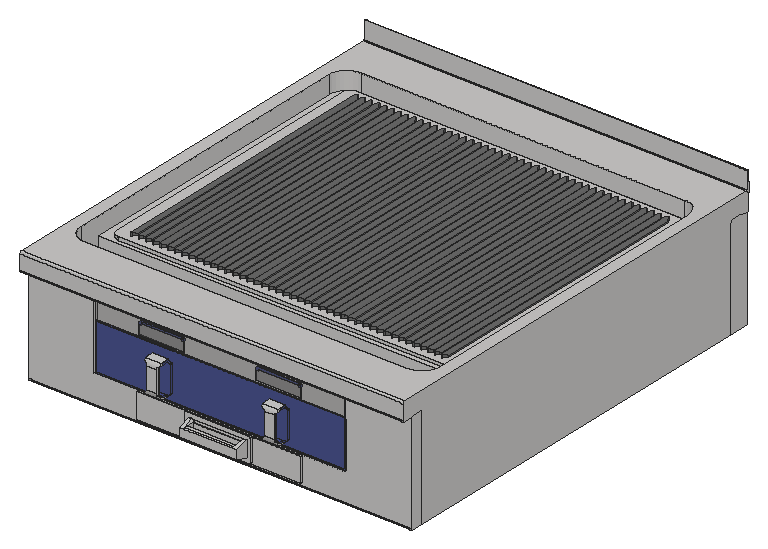
Revit family "QF_ELECTROLUXPROFESSIONAL_589099_MCHNABHOAO", category Specialty Equipment, Revit 2018
Family settings
  Round Connector Dimension = Use Diameter
  Part Type = Normal
  Work Plane-Based = No
  Always vertical = Yes
  Cut with Voids When Loaded = No
  Shared = No
  Room Calculation Point = No
Parameters
  Weight in Pounds = 264.6
  Watts = 15300 VA  # 15300 W
  Volts = 400 V  # constant formula
  URL Cutsheet = ""
  Type Mark [instance] = ""
  Status [instance] = ""
  Specification by User [instance] = ""
  Specification by Manufacturer = ""
  Show Clearance [instance] = yes
  Serial Number = ""
  Seismic Rating = ""
  SMACNA No = ""
  Revision Code [instance] = ""
  Phase = 3  # constant formula
  Omniclass Number and Title = ""
  Number of Poles [instance] = 1
  NAFEM Spec ID Number = ""
  Model = "589099"
  Min Ckt Ampacity = 0 A
  Max Overcurrent Protection = 0 A
  Masterspec = ""
  Manufacturer = "ELECTROLUX"
  Item Number [instance] = ""
  Installed By [instance] = ""
  Identify Quantity as Lot [instance] = yes
  HP = "20.5 HP"
  Furnished By [instance] = ""
  Foodservice Equipment Identifier [instance] = yes
  FL Amps [instance] = if(Phase = 3, Watts / (Volts * 1.73), Watts / Volts)  # 22.1098 A
  Electrical Remarks = "400 V/3N ph/50/60 Hz"  # constant formula
  Electric Connection Type [instance] = ""
  Elec Conn RI Height [instance] = 0 mm
  Elec Conn Connection Height [instance] = 0 mm
  Direct Waste Size = 0"
  Description = "EL.FRYTOP,RIBBED PL,1S,BSPL,800X900X250"
  Cycle [instance] = if([60 Hertz Option], 60 Hz, 50 Hz)  # 60 Hz
  Conn Plug = ""
  Conn Conduit = yes
  CSI MasterFormat = ""
  CSI Master Format = ""
  Apparent Power [instance] = if(Phase = 3, Volts * FL Amps * 1.73, Volts * FL Amps)  # 15300 VA
  60 Hertz Option [instance] = not([50 Hertz Option])  # yes
  50 Hertz Option [instance] = no
Reference planes
  plane 1 "BACK": y = 0
  plane 2: z = 0
  plane 3 "LEFT": x = 0
  plane 4 "RIGHT": x = 800
  plane 5 "FRONT": y = -900
  plane 6 "TOP": z = 250
  plane 7: x = 400
  plane 8: y = -450
  plane 9: y = -1330
Forms (mm)
  Extrusion 1, solid, material "QF_Finishes_Stainless Steel"
    sketch origin (0, -487.128, 0) x (0, 1, 0) y (0, 0, 1)
      loop
        line (483.128, 250) -> (-408.872, 250)
        arc (-408.872, 250) -> (-411.7, 248.828) -> (-412.872, 246) r 4
        line (-412.872, 246) -> (-412.872, 214)
        arc (-412.872, 214) -> (-411.443, 210.936) -> (-408.177, 210.061) r 4
        line (-408.177, 210.061) -> (-391.509, 213) -> (-366.872, 213) -> (-366.872, 0) -> (441.128, 0) -> (441.128, 213) -> (465.765, 213) -> (482.433, 210.061)
        arc (482.433, 210.061) -> (485.699, 210.936) -> (487.128, 214) r 4
        line (487.128, 214) -> (487.128, 246)
        arc (487.128, 246) -> (485.956, 248.828) -> (483.128, 250) r 4
    from 0 to 800
  Extrusion 2, void
    sketch origin (653.786, 44.048, 250) x (1, 0, 0) y (0, -1, 0)
      loop
        line (-590.636, 133.048) -> (83.064, 133.048)
        arc (83.064, 133.048) -> (110.04, 144.222) -> (121.214, 171.198) r 38.15
        line (121.214, 171.198) -> (121.214, 816.572)
        arc (121.214, 816.572) -> (109.944, 843.779) -> (82.737, 855.048) r 38.476
        line (82.737, 855.048) -> (-591.786, 855.048)
        arc (-591.786, 855.048) -> (-617.949, 844.211) -> (-628.786, 818.048) r 37
        line (-628.786, 818.048) -> (-628.786, 171.198)
        arc (-628.786, 171.198) -> (-617.613, 144.222) -> (-590.636, 133.048) r 38.15
    from 0 to 37
  Extrusion 3, void
    sketch origin (1307.573, 92.096, 213) x (0, 1, 0) y (1, 0, 0)
      loop
        line (-821.846, -532.573) -> (-864.62, -532.573)
        arc (-864.62, -532.573) -> (-891.827, -543.842) -> (-903.096, -571.049) r 38.476
        line (-903.096, -571.049) -> (-903.096, -1245.573)
        arc (-903.096, -1245.573) -> (-892.259, -1271.736) -> (-866.096, -1282.573) r 37
        line (-866.096, -1282.573) -> (-821.846, -1282.573) -> (-821.846, -532.573)
    from 0 to 25.6
  Extrusion 4, void
    sketch origin (1612.573, 92.096, 187.4) x (-1, 0, 0) y (0, 1, 0)
      loop
        circle (1212.573, -862.096) r 22.248
    from 0 to 92
  Extrusion 5, solid, material "QF_Finishes_Stainless Steel"
    sketch origin (0, -854, 0) x (1, 0, 0) y (0, -1, 0)
      loop
        circle (755, -169) r 6.35
    from 0 to 3.2
  Extrusion 6, solid, material "QF_Door-Drawer Clearances", visible <- "Show Clearance", detail levels coarse
    sketch origin (437.203, -881.593, 8.62) x (0, 0, 1) y (-1, 0, 0)
      loop
        line (1.973, -134.295) -> (49.317, -134.295)
        arc (49.317, -134.295) -> (50.776, -133.691) -> (51.38, -132.232) r 2.063
        line (51.38, -132.232) -> (51.38, 206.852)
        arc (51.38, 206.852) -> (50.88, 208.549) -> (49.541, 209.705) r 3.133
        line (49.541, 209.705) -> (3.067, 209.705)
        arc (3.067, 209.705) -> (0.898, 208.807) -> (0, 206.638) r 3.067
        line (0, 206.638) -> (0, -132.322)
        arc (0, -132.322) -> (0.578, -133.717) -> (1.973, -134.295) r 1.973
    from 0 to 448.407
  Extrusion 7, solid, material "QF_Finishes_Stainless Steel"
    sketch origin (0, 0, 0) x (0, 1, 0) y (0, 0, 1)
      loop
        line (-2.951, 2) -> (-2.951, 210.133)
        arc (-2.951, 210.133) -> (-3.795, 210.009) -> (-4.646, 210.066) r 4
        line (-4.646, 210.066) -> (-21.287, 213) -> (-45, 213) -> (-45, 0) -> (-4.951, 0)
        arc (-4.951, 0) -> (-3.537, 0.586) -> (-2.951, 2) r 2
      loop
        arc (-1.951, 252.006) -> (-2.537, 250.592) -> (-3.951, 250.006) r 2
        arc (-3.951, 250.006) -> (-1.172, 248.828) -> (0, 246) r 4
        line (0, 246) -> (0, 288.006) -> (-1.951, 288.006) -> (-1.951, 252.006)
    from 800 to 0
Cuts and joins
  Extrusion 2, Extrusion 3, Extrusion 4 cuts Extrusion 1
Lines and regions (mm)
  symbolic lines
    curve 1: line (261.519, -902.326, 0) -> (261.519, -900, 0)
    curve 2: spline (267.188, -903.73, 0) -> (266.709, -903.657, 0) -> (266.231, -903.575, 0) -> (265.754, -903.486, 0) -> (265.278, -903.389, 0) -> (264.804, -903.283, 0) -> (264.33, -903.17, 0) -> (263.858, -903.049, 0) -> (263.387, -902.92, 0) -> (262.918, -902.783, 0) -> (262.45, -902.638, 0) -> (261.984, -902.486, 0) -> (261.519, -902.326, 0)
    curve 3: line (293.735, -902.326, 0) -> (293.735, -900, 0)
    curve 4: spline (293.735, -902.326, 0) -> (293.27, -902.486, 0) -> (292.804, -902.638, 0) -> (292.337, -902.783, 0) -> (291.867, -902.92, 0) -> (291.396, -903.049, 0) -> (290.924, -903.17, 0) -> (290.451, -903.283, 0) -> (289.976, -903.389, 0) -> (289.5, -903.486, 0) -> (289.023, -903.575, 0) -> (288.545, -903.657, 0) -> (288.066, -903.73, 0)
    curve 5: line (267.188, -903.73, 0) -> (288.066, -903.73, 0)
    curve 6: line (538.481, -902.326, 0) -> (538.481, -900, 0)
    curve 7: spline (532.812, -903.73, 0) -> (533.291, -903.657, 0) -> (533.769, -903.575, 0) -> (534.246, -903.486, 0) -> (534.722, -903.389, 0) -> (535.196, -903.283, 0) -> (535.67, -903.17, 0) -> (536.142, -903.049, 0) -> (536.613, -902.92, 0) -> (537.082, -902.783, 0) -> (537.55, -902.638, 0) -> (538.016, -902.486, 0) -> (538.481, -902.326, 0)
    curve 8: line (506.265, -902.326, 0) -> (506.265, -900, 0)
    curve 9: spline (506.265, -902.326, 0) -> (506.73, -902.486, 0) -> (507.196, -902.638, 0) -> (507.663, -902.783, 0) -> (508.133, -902.92, 0) -> (508.604, -903.049, 0) -> (509.076, -903.17, 0) -> (509.549, -903.283, 0) -> (510.024, -903.389, 0) -> (510.5, -903.486, 0) -> (510.977, -903.575, 0) -> (511.455, -903.657, 0) -> (511.934, -903.73, 0)
    curve 10: line (532.812, -903.73, 0) -> (511.934, -903.73, 0)
    curve 11: line (25, -774, 0) -> (25, -127.15, 0)
    curve 12: arc (25, -127.15, 0) -> (36.174, -100.174, 0) -> (63.15, -89, 0) r 38.15
    curve 13: line (63.15, -89, 0) -> (736.85, -89, 0)
    curve 14: arc (736.85, -89, 0) -> (763.826, -100.174, 0) -> (775, -127.15, 0) r 38.15
    curve 15: line (775, -127.15, 0) -> (775, -772.524, 0)
    curve 16: arc (775, -772.524, 0) -> (763.731, -799.731, 0) -> (736.524, -811, 0) r 38.476
    curve 17: line (736.524, -811, 0) -> (62, -811, 0)
    curve 18: arc (62, -811, 0) -> (35.837, -800.163, 0) -> (25, -774, 0) r 37
    curve 19: line (775, -729.75, 0) -> (25, -729.75, 0)
    curve 20: circle (400, -770, 0) r 22.248 normal (0, 0, -1)
    curve 21: line (0, 0, 0) -> (800, 0, 0)
    curve 22: line (0, -900, 0) -> (0, 0, 0)
    curve 23: line (800, -900, 0) -> (0, -900, 0)
    curve 24: line (800, 0, 0) -> (800, -900, 0)
    curve 25: line (347.608, -908.767, 0) -> (450.042, -908.767, 0)
    curve 26: line (450.042, -908.767, 0) -> (451.588, -900, 0)
    curve 27: line (347.608, -908.767, 0) -> (346.062, -900, 0)
  symbolic lines, style "QF_Door-Drawer Clearances"
    curve 28: line (227.498, -1330, 0) -> (227.498, -900, 0)
    curve 29: line (227.498, -1330, 0) -> (571.498, -1330, 0)
    curve 30: line (571.498, -1330, 0) -> (571.498, -900, 0)
Dimensions and locks
  plane 3 "LEFT" to plane 4 "RIGHT" = 800 mm
  plane 5 "FRONT" to plane 1 "BACK" = 900 mm
  equal spacing: plane 3 "LEFT", plane 7, plane 4 "RIGHT"
  equal spacing: plane 5 "FRONT", plane 8, plane 1 "BACK"
  plane 6 "TOP" to level = 250 mm  (x2)
  plane 1 "BACK" to plane 5 "FRONT" = 900 mm
  Extrusion 5 sketch curve to plane 1 "BACK" = 685 mm
  Extrusion 5 sketch curve to plane 4 "RIGHT" = 45 mm
  plane 5 "FRONT" to plane 9 = 430 mm
  Extrusion 7 to plane 6 "TOP" = 38.006 mm
  Extrusion 7 to level = 288.006 mm
  aligned and locked: level to plane 2
  aligned and locked: Extrusion 6 to plane 9
  aligned and locked: cut or joined group of Extrusion 1, Extrusion 2, Extrusion 3, Extrusion 4 to plane 4 "RIGHT"
  aligned and locked: plane 7 to nested 1
  aligned and locked: Extrusion 7 to plane 4 "RIGHT"
Automatic sketch dimensions
  Extrusion 1 to Extrusion 2 sketch curve = 85 mm  (x2)
  Extrusion 1 to Extrusion 2 sketch curve = 122 mm
  Extrusion 1 to Extrusion 2 sketch curve = 25 mm
  Extrusion 2 sketch curve to Extrusion 2 sketch curve = 38.15 mm  (x2)
  Extrusion 1 to Extrusion 2 sketch curve = 123.476 mm
  Extrusion 2 sketch curve to Extrusion 2 sketch curve = 674.524 mm
  Extrusion 1 sketch curve to plane 5 "FRONT" = 0 mm
  Extrusion 1 sketch curve to plane 6 "TOP" = 0 mm
  Extrusion 1 sketch curve to level = 0 mm
  Extrusion 1 sketch curve to plane 1 "BACK" = 0 mm
  Extrusion 1 sketch curve to plane 6 "TOP" = 37 mm  (x2)
  Extrusion 1 sketch curve to plane 5 "FRONT" = 4 mm
  Extrusion 1 sketch curve to plane 5 "FRONT" = 21.363 mm
  Extrusion 1 sketch curve to plane 5 "FRONT" = 46 mm
  plane 1 "BACK" to Extrusion 1 sketch curve = 21.363 mm
  plane 1 "BACK" to Extrusion 1 sketch curve = 4 mm  (x2)
  Extrusion 1 sketch curve to Extrusion 1 sketch curve = 4 mm
  Extrusion 1 sketch curve to Extrusion 1 sketch curve = 0.695 mm
  Extrusion 1 sketch curve to Extrusion 1 sketch curve = 0 mm  (x4)
  plane 1 "BACK" to Extrusion 1 sketch curve = 4.695 mm
  Extrusion 1 sketch curve to Extrusion 1 sketch curve = 1 mm  (x2)
  plane 1 "BACK" to Extrusion 1 sketch curve = 46 mm
  Extrusion 3 sketch curve to Extrusion 2 = 81.25 mm
  Extrusion 2 to Extrusion 3 sketch curve = 0 mm  (x2)
  Extrusion 3 sketch curve to Extrusion 3 sketch curve = 37 mm
  Extrusion 3 sketch curve to Extrusion 3 sketch curve = 674.524 mm
  Extrusion 3 sketch curve to Extrusion 2 = 38.476 mm
  Extrusion 4 sketch curve to Extrusion 3 = 41 mm
  Extrusion 4 sketch curve to Extrusion 3 = 375 mm
  plane 1 "BACK" to curve 21 = 0 mm
  curve 21 to plane 4 "RIGHT" = 0 mm
  curve 28 to plane 9 = 0 mm
  curve 22 to plane 3 "LEFT" = 0 mm
  plane 5 "FRONT" to curve 30 = 0 mm
  plane 4 "RIGHT" to curve 15 = 25 mm
  curve 15 to curve 13 = 38.15 mm
  curve 16 to curve 17 = 38.476 mm
  plane 5 "FRONT" to curve 6 = 2.326 mm
  plane 7 to curve 6 = 138.481 mm
  plane 5 "FRONT" to curve 10 = 3.73 mm
  curve 7 to curve 10 = 5.669 mm
  plane 5 "FRONT" to curve 26 = 8.767 mm
  curve 7 to curve 26 = 82.77 mm
  curve 10 to curve 25 = 61.891 mm
  plane 5 "FRONT" to curve 8 = 2.326 mm
  curve 10 to curve 8 = 5.669 mm
  plane 5 "FRONT" to curve 3 = 2.326 mm
  curve 3 to plane 7 = 106.265 mm
  plane 5 "FRONT" to curve 5 = 3.73 mm
  curve 3 to curve 5 = 5.669 mm
  curve 27 to curve 5 = 59.542 mm
  curve 25 to curve 5 = 80.42 mm
  plane 5 "FRONT" to curve 1 = 2.326 mm
  curve 2 to curve 1 = 5.669 mm
  plane 3 "LEFT" to curve 13 = 63.15 mm
  plane 3 "LEFT" to curve 17 = 62 mm
  plane 3 "LEFT" to curve 28 = 227.498 mm
  plane 3 "LEFT" to curve 11 = 25 mm
  plane 4 "RIGHT" to curve 30 = 228.502 mm
  curve 6 to curve 7 = 9.839 mm
  curve 7 to curve 9 = 12.538 mm
  curve 9 to curve 26 = 64.516 mm
  plane 5 "FRONT" to curve 4 = 4.032 mm
  curve 5 to curve 4 = 4.17 mm
  curve 27 to curve 4 = 62.166 mm
  curve 4 to curve 2 = 12.538 mm
  curve 20 to curve 18 = 338 mm
  plane 1 "BACK" to curve 13 = 89 mm
  curve 15 to plane 5 "FRONT" = 127.476 mm
  curve 19 to curve 18 = 44.25 mm
  curve 20 to curve 18 = 4 mm
  curve 7 to plane 5 "FRONT" = 39.101 mm
  curve 9 to curve 7 = 0 mm
  curve 2 to curve 4 = 0 mm
  level to Extrusion 6 sketch curve = 8.62 mm
  level to Extrusion 6 sketch curve = 57.937 mm
  plane 7 to Extrusion 6 sketch curve = 171.498 mm
  Extrusion 6 sketch curve to Extrusion 6 sketch curve = 1.973 mm
  Extrusion 6 sketch curve to Extrusion 6 sketch curve = 3.067 mm
  Extrusion 6 sketch curve to Extrusion 6 sketch curve = 46.474 mm
  Extrusion 6 sketch curve to Extrusion 6 sketch curve = 2.063 mm
  Extrusion 6 sketch curve to Extrusion 6 sketch curve = 3.133 mm
  Extrusion 6 sketch curve to plane 7 = 169.435 mm
  Extrusion 7 sketch curve to level = 0 mm
  Extrusion 7 sketch curve to plane 1 "BACK" = 0 mm  (x2)
  level to Extrusion 7 sketch curve = 2 mm
  Extrusion 7 sketch curve to plane 6 "TOP" = 0 mm
  plane 1 "BACK" to Extrusion 7 sketch curve = 1.951 mm
  plane 1 "BACK" to Extrusion 7 sketch curve = 2.951 mm
  Extrusion 7 sketch curve to Extrusion 7 sketch curve = 18.335 mm
  Extrusion 7 sketch curve to Extrusion 7 sketch curve = 40.049 mm
  Extrusion 7 sketch curve to Extrusion 7 sketch curve = 1.695 mm
  Extrusion 7 sketch curve to Extrusion 7 sketch curve = 0 mm  (x3)
  plane 1 "BACK" to Extrusion 7 sketch curve = 4 mm
  plane 1 "BACK" to Extrusion 7 sketch curve = 3.951 mm
  Extrusion 7 sketch curve to Extrusion 7 sketch curve = 2 mm
  Extrusion 7 sketch curve to Extrusion 7 sketch curve = 35.867 mm
  Extrusion 7 sketch curve to plane 6 "TOP" = 37 mm
  plane 6 "TOP" to Extrusion 7 sketch curve = 2.006 mm
  Extrusion 7 sketch curve to Extrusion 7 sketch curve = 36 mm
  Extrusion 7 sketch curve to Extrusion 7 sketch curve = 0.066 mm
  radius of Extrusion 4 sketch curve = 22.248 mm
  radius of Extrusion 5 sketch curve = 6.35 mm
  radius of curve 20 = 22.248 mm
Nested families
  nested 1: "EG_900_800 Front Panel with Center Grease Trap" at (402.376, -854, -650), type "EG_900_800 Front Panel with Center Grease Trap"
    with Width 800 mm
  nested 2: "EG_900_800 mm Full Grate" at (400, -409.375, -675), type "EG_900_800 mm Full Grate"
Connectors
  electrical at (755, -685, -3.2), driven by "Volts", driven by "Watts"
    settings: on Extrusion 5, index 1, voltage 400 V, apparent load 15300 VA, apparent load phase1 0 VA, apparent load phase2 0 VA, apparent load phase3 0 VA, power factor 1, load classification "Other", number of poles 1, system type 30, power factor state 1, is connector primary yes, connector utility no, sub classification motor no, connector description "ELECTRICAL CONNECTION"
Definition of nested family "EG_900_800 Front Panel with Center Grease Trap"
  Parameters
    Width [instance] = 800 mm
  Reference planes
    plane 1 "Center (Front/Back)": y = 0
    plane 2: z = 0
    plane 3 "Center (Left/Right)": x = -2.376
    plane 4: x = -402.376
    plane 5: x = 397.624
  Forms (mm)
    Extrusion 1, solid
      sketch origin (833.217, 829.203, -1.25) x (0, 1, 0) y (0, 0, 1)
        loop
          arc (-854.203, 654.25) -> (-853.324, 652.129) -> (-851.203, 651.25) r 3
          line (-851.203, 651.25) -> (-829.203, 651.25) -> (-829.203, 864.25) -> (-854.203, 864.25) -> (-854.203, 654.25)
      from -1235.593 to -435.593
    Extrusion 2, void
      sketch origin (33.217, 829.203, -1.25) x (1, 0, 0) y (0, 0, 1)
        loop
          line (-298.093, 855.116) -> (-298.093, 713.116) -> (226.907, 713.116) -> (226.907, 855.116) -> (-298.093, 855.116)
      from 848.59 to 854.203
  Cuts and joins
    Extrusion 2 cuts Extrusion 1
  Dimensions and locks
    equal spacing: plane 5, plane 3 "Center (Left/Right)", plane 4
    "Width": plane 5 to plane 4
    aligned and locked: cut or joined group of Extrusion 1, Extrusion 2 to plane 4
    aligned and locked: plane 5 to cut or joined group of Extrusion 1, Extrusion 2
    aligned and locked: plane 3 "Center (Left/Right)" to nested 2
    aligned and locked: cut or joined group of Extrusion 1, Extrusion 2 to nested 2
  Automatic sketch dimensions
    Extrusion 1 sketch curve to plane 1 "Center (Front/Back)" = 0 mm
    plane 1 "Center (Front/Back)" to Extrusion 1 sketch curve = 22 mm
    Extrusion 1 sketch curve to Extrusion 1 sketch curve = 3 mm
    level to Extrusion 1 sketch curve = 650 mm
    Extrusion 1 sketch curve to Extrusion 1 sketch curve = 210 mm
    plane 4 to Extrusion 2 sketch curve = 137.5 mm
    Extrusion 2 sketch curve to plane 5 = 137.5 mm
    level to Extrusion 2 sketch curve = 711.866 mm
    Extrusion 2 sketch curve to Extrusion 2 sketch curve = 142 mm
  Nested families
    nested 1: "Range Control Handle" at (-124.522, -28.137, -209.113) x (-1, 0, 0) z (0, 0, 1), type "Range Control Handle"
    nested 2: "800 Panel - Glass conrol panel" at (-30.376, 280.644, 2.752), type "800 Panel - Glass conrol panel"
      with Width 525 mm
    nested 3: "800 Panel - Grease trap door" at (65.223, -25, 0.608) x (-1, 0, 0) z (0, 0, 1), type "800 Panel - Grease trap door"
    nested 4: "Range Control Handle" at (119.771, -28.137, -209.113), type "Range Control Handle"
  Definition of nested family "Range Control Handle"
    Reference planes
      plane 1 "Center (Front/Back)": y = 0
      plane 2: z = 0
      plane 3 "Center (Left/Right)": x = 0
      plane 4: z = 971.092
    Forms (mm)
      Extrusion 1, solid
        sketch origin (-746.28, 380.497, 208.931) x (-1, 0, 0) y (0, 0, 1)
          loop
            line (-770.101, 786.798) -> (-770.101, 731.649)
            arc (-770.101, 731.649) -> (-769.759, 730.563) -> (-768.855, 729.87) r 1.893
            line (-768.855, 729.87) -> (-763.474, 727.911) -> (-729.81, 727.911) -> (-724.428, 729.87)
            arc (-724.428, 729.87) -> (-723.525, 730.563) -> (-723.183, 731.649) r 1.893
            line (-723.183, 731.649) -> (-723.183, 786.798)
            arc (-723.183, 786.798) -> (-723.529, 787.894) -> (-724.44, 788.593) r 1.91
            line (-724.44, 788.593) -> (-729.683, 790.819) -> (-763.601, 790.819) -> (-768.844, 788.593)
            arc (-768.844, 788.593) -> (-769.755, 787.894) -> (-770.101, 786.798) r 1.91
        from -382.35 to -378.852
      Sweep 2, solid
        path origin (-746.788, 380.496, 208.091) x (0, -1, 0) y (0, 0, 1)
          loop
            line (379.775, 793.281) -> (395.661, 791.048)
            arc (395.661, 791.048) -> (397.781, 787.377) -> (398.517, 783.202) r 12.207
            line (398.517, 783.202) -> (398.517, 737.368)
            arc (398.517, 737.368) -> (397.781, 733.193) -> (395.661, 729.522) r 12.207
            line (395.661, 729.522) -> (379.775, 727.289)
        profile origin (-746.788, -7.222, 1000.256) x (0, -0.139173, 0.990268) y (-1, 0, 0)
          loop
            line (0.782, -763.123) -> (0.782, -730.907) -> (-1.322, -730.907) -> (-1.322, -763.123) -> (0.782, -763.123)
      Sweep 3, solid
        path origin (-746.788, 380.715, 207.832) x (0, -1, 0) y (0, 0, 1)
          loop
            line (380.478, 795.442) -> (397.218, 793.09)
            arc (397.218, 793.09) -> (399.929, 788.473) -> (400.871, 783.202) r 15.207
            line (400.871, 783.202) -> (400.871, 737.584)
            arc (400.871, 737.584) -> (399.914, 732.274) -> (397.164, 727.633) r 15.207
            line (397.164, 727.633) -> (380.601, 725.305)
        profile origin (-746.788, -8.132, 1002.099) x (0, -0.139173, 0.990268) y (-1, 0, 0)
          loop
            line (0.782, -763.123) -> (0.782, -730.907) -> (-1.322, -730.907) -> (-1.322, -763.123) -> (0.782, -763.123)
      Extrusion 4, void
        sketch origin (889.253, 220.666, 207.993) x (1, 0, 0) y (0, 0, 1)
          loop
            line (-943.038, 816.854) -> (-943.038, 703.686) -> (-899.466, 734.196) -> (-899.466, 786.344) -> (-943.038, 816.854)
        from 230.636 to 242.25
      Extrusion 5, void
        sketch origin (-888.8, 220.666, 207.993) x (-1, 0, 0) y (0, 0, -1)
          loop
            line (-943.038, -816.854) -> (-899.466, -786.344) -> (-899.466, -734.196) -> (-943.038, -703.686) -> (-943.038, -816.854)
        from 230.636 to 242.25
      Extrusion 6, solid
        sketch origin (0, 0, 0) x (1, 0, 0) y (0, 0, 1)
          loop
            circle (0, 971.092) r 7.736
        from -3.137 to -1.645
    Cuts and joins
      Extrusion 4, Extrusion 5 cuts Sweep 3
      Extrusion 4, Extrusion 5 cuts Sweep 2
      joined: Extrusion 1, Extrusion 6
    Lines and regions (mm)
      symbolic lines
        curve 1: line (23.821, 1.645, 0) -> (-23.097, 1.645, 0)
        curve 2: line (16.334, -1.853, 0) -> (23.821, -1.853, 0)
        curve 3: line (-15.881, -19.189, 0) -> (-15.881, -1.853, 0)
        curve 4: line (-23.097, -1.853, 0) -> (-15.881, -1.853, 0)
        curve 5: line (16.334, -19.189, 0) -> (16.334, -1.853, 0)
        curve 6: spline (-15.881, -19.189, 0) -> (-15.417, -19.349, 0) -> (-14.951, -19.501, 0) -> (-14.483, -19.646, 0) -> (-14.014, -19.783, 0) -> (-13.543, -19.912, 0) -> (-13.071, -20.033, 0) -> (-12.597, -20.146, 0) -> (-12.122, -20.251, 0) -> (-11.646, -20.349, 0) -> (-11.169, -20.438, 0) -> (-10.691, -20.52, 0) -> (-10.213, -20.593, 0)
        curve 7: spline (10.666, -20.593, 0) -> (11.144, -20.52, 0) -> (11.622, -20.438, 0) -> (12.099, -20.349, 0) -> (12.575, -20.251, 0) -> (13.05, -20.146, 0) -> (13.524, -20.033, 0) -> (13.996, -19.912, 0) -> (14.467, -19.783, 0) -> (14.936, -19.646, 0) -> (15.404, -19.501, 0) -> (15.87, -19.349, 0) -> (16.334, -19.189, 0)
        curve 8: line (-10.213, -20.938, 0) -> (10.716, -20.938, 0)
        curve 9: line (-23.097, 1.645, 0) -> (-23.097, -1.853, 0)
        curve 10: line (23.821, 1.645, 0) -> (23.821, -1.853, 0)
  Definition of nested family "800 Panel - Glass conrol panel"
    Parameters
      Width [instance] = 525 mm
    Reference planes
      plane 1 "Center (Front/Back)": y = 0
      plane 2: z = 0
      plane 3 "Center (Left/Right)": x = 28
      plane 4: x = -234.5
      plane 5: x = 290.5
    Forms (mm)
      Extrusion 1, solid
        sketch origin (378.286, 0, 0.617) x (1, 0, 0) y (0, 0, 1)
          loop
            line (-612.786, 806.791) -> (-612.786, 708.497) -> (-87.786, 708.497) -> (-87.786, 806.791) -> (-612.786, 806.791)
        from 300.031 to 304.8
      Extrusion 2, solid
        sketch origin (378.286, 0, 0.617) x (1, 0, 0) y (0, 0, 1)
          loop
            line (-612.786, 850.497) -> (-612.786, 806.791) -> (-87.786, 806.791) -> (-87.786, 850.497) -> (-612.786, 850.497)
        from 300.031 to 304.8
      Extrusion 3, void
        sketch origin (378.286, 0, 0.617) x (1, 0, 0) y (0, 0, 1)
          loop
            line (-610.128, 847.565) -> (-610.128, 710.699) -> (-90.696, 710.699) -> (-90.696, 847.565) -> (-610.128, 847.565)
        from 303.697 to 304.8
      Extrusion 4, solid
        sketch origin (-430.455, 1.101, -0.633) x (-1, 0, 0) y (0, 0, -1)
          loop
            line (-289.431, -812.62) -> (-383.186, -812.62) -> (-383.186, -834.177) -> (-378.269, -834.177) -> (-376.469, -835.977) -> (-296.039, -835.977) -> (-294.24, -834.177) -> (-289.431, -834.177) -> (-289.431, -812.62)
        from 304.798 to 306.745
      Extrusion 5, solid
        sketch origin (-430.455, 1.101, -0.633) x (-1, 0, 0) y (0, 0, -1)
          loop
            line (-378.269, -834.177) -> (-383.078, -834.177)
            arc (-383.078, -834.177) -> (-381.942, -838.747) -> (-377.686, -840.763) r 5.5
            line (-377.686, -840.763) -> (-294.98, -840.763)
            arc (-294.98, -840.763) -> (-290.706, -838.752) -> (-289.529, -834.177) r 5.549
            line (-289.529, -834.177) -> (-294.24, -834.177) -> (-296.039, -835.977) -> (-376.469, -835.977) -> (-378.269, -834.177)
        from 304.798 to 306.745
      Extrusion 6, solid
        sketch origin (486.455, 1.101, -0.633) x (1, 0, 0) y (0, 0, 1)
          loop
            line (-289.431, 812.62) -> (-289.431, 834.177) -> (-294.24, 834.177) -> (-296.039, 835.977) -> (-376.469, 835.977) -> (-378.269, 834.177) -> (-383.186, 834.177) -> (-383.186, 812.62) -> (-289.431, 812.62)
        from 304.798 to 306.745
      Extrusion 7, solid
        sketch origin (486.455, 1.101, -0.633) x (1, 0, 0) y (0, 0, 1)
          loop
            line (-378.269, 834.177) -> (-376.469, 835.977) -> (-296.039, 835.977) -> (-294.24, 834.177) -> (-289.529, 834.177)
            arc (-289.529, 834.177) -> (-290.706, 838.752) -> (-294.98, 840.763) r 5.549
            line (-294.98, 840.763) -> (-377.686, 840.763)
            arc (-377.686, 840.763) -> (-381.942, 838.747) -> (-383.078, 834.177) r 5.5
            line (-383.078, 834.177) -> (-378.269, 834.177)
        from 304.798 to 306.745
    Cuts and joins
      Extrusion 3 cuts Extrusion 1
      Extrusion 3 cuts Extrusion 2
    Dimensions and locks
      "Width": plane 5 to plane 4
      equal spacing: plane 5, plane 3 "Center (Left/Right)", plane 4
      aligned and locked: Extrusion 1 to Extrusion 2
      aligned and locked: Extrusion 5 to Extrusion 4
      aligned and locked: plane 5 to cut or joined group of Extrusion 1, Extrusion 3
      aligned and locked: plane 5 to cut or joined group of Extrusion 2, Extrusion 3
      aligned and locked: cut or joined group of Extrusion 1, Extrusion 3 to plane 4
      aligned and locked: cut or joined group of Extrusion 2, Extrusion 3 to plane 4
      aligned and locked: Extrusion 7 to Extrusion 6
    Automatic sketch dimensions
      Extrusion 1 sketch curve to plane 4 = 0 mm
      Extrusion 1 sketch curve to plane 5 = 0 mm
      level to Extrusion 1 sketch curve = 709.114 mm
      Extrusion 1 sketch curve to Extrusion 1 sketch curve = 98.294 mm
      Extrusion 2 sketch curve to plane 4 = 0 mm
      Extrusion 2 sketch curve to plane 5 = 0 mm
      level to Extrusion 2 sketch curve = 807.408 mm
      Extrusion 2 sketch curve to Extrusion 2 sketch curve = 43.706 mm
      plane 4 to Extrusion 3 sketch curve = 2.658 mm
      level to Extrusion 3 sketch curve = 711.316 mm
      Extrusion 3 sketch curve to plane 5 = 2.909 mm
      Extrusion 3 sketch curve to Extrusion 3 sketch curve = 136.866 mm
      Extrusion 4 sketch curve to plane 3 "Center (Left/Right)" = 75.269 mm
      plane 4 to Extrusion 4 sketch curve = 100.084 mm
      level to Extrusion 4 sketch curve = 835.343 mm
      Extrusion 4 sketch curve to Extrusion 4 sketch curve = 4.917 mm
      Extrusion 4 sketch curve to Extrusion 4 sketch curve = 1.8 mm  (x4)
      Extrusion 4 sketch curve to Extrusion 4 sketch curve = 4.809 mm
      Extrusion 4 sketch curve to Extrusion 4 sketch curve = 21.557 mm
      Extrusion 5 sketch curve to plane 3 "Center (Left/Right)" = 75.377 mm
      Extrusion 5 sketch curve to plane 3 "Center (Left/Right)" = 80.769 mm
      level to Extrusion 5 sketch curve = 840.129 mm
      Extrusion 5 sketch curve to Extrusion 5 sketch curve = 0.583 mm
      Extrusion 5 sketch curve to Extrusion 5 sketch curve = 1.217 mm
      Extrusion 5 sketch curve to Extrusion 5 sketch curve = 80.43 mm
      Extrusion 5 sketch curve to Extrusion 5 sketch curve = 1.059 mm
      Extrusion 5 sketch curve to Extrusion 5 sketch curve = 0.741 mm
      Extrusion 5 sketch curve to Extrusion 5 sketch curve = 4.711 mm
      Extrusion 5 sketch curve to Extrusion 5 sketch curve = 4.786 mm
      Extrusion 5 sketch curve to Extrusion 5 sketch curve = 1.8 mm  (x2)
      plane 3 "Center (Left/Right)" to Extrusion 6 sketch curve = 75.269 mm
      level to Extrusion 6 sketch curve = 811.987 mm
      Extrusion 6 sketch curve to Extrusion 6 sketch curve = 4.917 mm
      Extrusion 6 sketch curve to Extrusion 6 sketch curve = 1.8 mm  (x3)
      Extrusion 6 sketch curve to Extrusion 6 sketch curve = 80.43 mm
      Extrusion 6 sketch curve to Extrusion 6 sketch curve = 4.809 mm
      Extrusion 6 sketch curve to Extrusion 6 sketch curve = 21.557 mm  (x2)
      plane 3 "Center (Left/Right)" to Extrusion 7 sketch curve = 75.377 mm
      plane 3 "Center (Left/Right)" to Extrusion 7 sketch curve = 80.186 mm
      level to Extrusion 7 sketch curve = 833.543 mm
      Extrusion 7 sketch curve to Extrusion 7 sketch curve = 0.583 mm
      Extrusion 7 sketch curve to Extrusion 7 sketch curve = 1.217 mm
      Extrusion 7 sketch curve to Extrusion 7 sketch curve = 80.43 mm
      Extrusion 7 sketch curve to Extrusion 7 sketch curve = 1.059 mm
      Extrusion 7 sketch curve to Extrusion 7 sketch curve = 0.741 mm
      Extrusion 7 sketch curve to Extrusion 7 sketch curve = 4.711 mm
      Extrusion 7 sketch curve to Extrusion 7 sketch curve = 0 mm
      Extrusion 7 sketch curve to Extrusion 7 sketch curve = 1.8 mm
      Extrusion 7 sketch curve to Extrusion 7 sketch curve = 4.786 mm
  Definition of nested family "800 Panel - Grease trap door"
    Reference planes
      plane 1 "Center (Front/Back)": y = 0
      plane 2: z = 0
      plane 3 "Center (Left/Right)": x = 0
    Forms (mm)
      Extrusion 1, solid
        sketch origin (1627.55, 854.203, -1.25) x (1, 0, 0) y (0, 0, 1)
          loop
            arc (-1627.55, 661.235) -> (-1626.972, 659.84) -> (-1625.577, 659.262) r 1.973
            line (-1625.577, 659.262) -> (-1494.325, 659.262)
            arc (-1494.325, 659.262) -> (-1492.156, 660.16) -> (-1491.258, 662.329) r 3.067
            line (-1491.258, 662.329) -> (-1491.258, 708.803)
            arc (-1491.258, 708.803) -> (-1492.414, 710.143) -> (-1494.111, 710.642) r 3.133
            line (-1494.111, 710.642) -> (-1625.486, 710.642)
            arc (-1625.486, 710.642) -> (-1626.945, 710.038) -> (-1627.55, 708.579) r 2.063
            line (-1627.55, 708.579) -> (-1627.55, 661.235)
        from 856.795 to 859.203
      Extrusion 2, solid
        sketch origin (445.874, 2476.61, 0) x (0, 1, 0) y (0, 0, 1)
          loop
            line (-2506.377, 675.273) -> (-2481.61, 667.505) -> (-2481.61, 700.995) -> (-2506.377, 693.227) -> (-2506.377, 675.273)
        from -437.68 to -317.68
      Extrusion 3, void
        sketch origin (1627.55, 854.203, -1.25) x (1, 0, 0) y (0, 0, 1)
          loop
            line (-1614.883, 703) -> (-1610.542, 695.433) -> (-1508.17, 695.433) -> (-1503.828, 703) -> (-1614.883, 703)
          loop
            line (-1614.883, 668) -> (-1502.669, 668) -> (-1507.01, 675.567) -> (-1610.542, 675.567) -> (-1614.883, 668)
        from 832.916 to 883.97
      Extrusion 4, void
        sketch origin (447.55, 854.203, -1.25) x (1, 0, 0) y (0, 0, 1)
          loop
            line (-430.542, 695.433) -> (-430.542, 675.567) -> (-328.17, 675.567) -> (-328.17, 695.433) -> (-430.542, 695.433)
        from 859.203 to 874.202
      Extrusion 5, solid
        sketch origin (1627.55, 854.203, -1.25) x (1, 0, 0) y (0, 0, 1)
          loop
            line (-1390.516, 710.642) -> (-1729.386, 710.642)
            arc (-1729.386, 710.642) -> (-1730.845, 710.038) -> (-1731.449, 708.579) r 2.063
            line (-1731.449, 708.579) -> (-1731.449, 661.235)
            arc (-1731.449, 661.235) -> (-1730.871, 659.84) -> (-1729.476, 659.262) r 1.973
            line (-1729.476, 659.262) -> (-1390.516, 659.262)
            arc (-1390.516, 659.262) -> (-1388.347, 660.16) -> (-1387.449, 662.329) r 3.067
            line (-1387.449, 662.329) -> (-1387.449, 707.485)
            arc (-1387.449, 707.485) -> (-1388.347, 709.653) -> (-1390.516, 710.552) r 3.067
        from 854.203 to 856.795
    Cuts and joins
      Extrusion 3 cuts Extrusion 1
      Extrusion 3, Extrusion 4 cuts Extrusion 2
      joined: Extrusion 1, Extrusion 2
    Lines and regions (mm)
      symbolic lines
        curve 1: line (0, -2.593, 0) -> (136.292, -2.593, 0)
        curve 2: line (17.557, -29.767, 0) -> (12.667, -2.593, 0)
        curve 3: line (17.557, -29.767, 0) -> (119.991, -29.767, 0)
        curve 4: line (119.991, -29.767, 0) -> (124.881, -2.593, 0)
        curve 5: line (68.146, -2.593, 0) -> (68.146, -29.767, 0)
      model lines
        curve 6: line (67.599, 0, 658.012) -> (67.599, 0, 709.392)
    Dimensions and locks
      aligned and locked: Extrusion 2 to Extrusion 1
      aligned and locked: Extrusion 3 to Extrusion 2
      aligned and locked: Extrusion 4 to Extrusion 1
Definition of nested family "EG_900_800 mm Full Grate"
  Parameters
    Length = 662 mm
    Array = Length / 15 mm  # 44
  Reference planes
    plane 1 "Center (Front/Back)": y = 0
    plane 2: z = 0
    plane 3 "Center (Left/Right)": x = 0
    plane 4: x = -355
    plane 5: x = 355
    plane 6: z = 900
    plane 7: z = 888
    plane 8: x = -331
    plane 9: x = 331
  Forms (mm)
    Extrusion 1, solid
      sketch origin (453.786, 467.26, 0) x (1, 0, 0) y (0, 1, 0)
        loop
          line (-808.786, -175.198) -> (-808.786, -760.472)
          arc (-808.786, -760.472) -> (-803.807, -772.493) -> (-791.786, -777.472) r 17
          line (-791.786, -777.472) -> (-116.936, -777.472)
          arc (-116.936, -777.472) -> (-104.102, -772.156) -> (-98.786, -759.322) r 18.15
          line (-98.786, -759.322) -> (-98.786, -175.198)
          arc (-98.786, -175.198) -> (-104.102, -162.364) -> (-116.936, -157.048) r 18.15
          line (-116.936, -157.048) -> (-790.636, -157.048)
          arc (-790.636, -157.048) -> (-803.47, -162.364) -> (-808.786, -175.198) r 18.15
      from 888 to 894.474
  Lines and regions (mm)
    symbolic lines
      curve 1: line (-331, 286.484, 0) -> (-324.5, 295.767, 0)
      curve 2: line (-324.5, 295.767, 0) -> (-318, 286.484, 0)
      curve 3: line (-318, -286.484, 0) -> (-318, 286.484, 0)
      curve 4: line (-331, 286.484, 0) -> (-331, -286.484, 0)
      curve 5: line (-324.5, -295.767, 0) -> (-331, -286.484, 0)
      curve 6: line (-318, -286.484, 0) -> (-324.5, -295.767, 0)
      curve 7: line (318, 286.484, 0) -> (324.5, 295.767, 0)
      curve 8: line (324.5, 295.767, 0) -> (331, 286.484, 0)
      curve 9: line (331, -286.484, 0) -> (331, 286.484, 0)
      curve 10: line (318, 286.484, 0) -> (318, -286.484, 0)
      curve 11: line (324.5, -295.767, 0) -> (318, -286.484, 0)
      curve 12: line (331, -286.484, 0) -> (324.5, -295.767, 0)
      curve 13: line (-315.907, 286.484, 0) -> (-309.407, 295.767, 0)
      curve 14: line (-309.407, 295.767, 0) -> (-302.907, 286.484, 0)
      curve 15: line (-302.907, -286.484, 0) -> (-302.907, 286.484, 0)
      curve 16: line (-315.907, 286.484, 0) -> (-315.907, -286.484, 0)
      curve 17: line (-309.407, -295.767, 0) -> (-315.907, -286.484, 0)
      curve 18: line (-302.907, -286.484, 0) -> (-309.407, -295.767, 0)
      curve 19: line (-300.814, 286.484, 0) -> (-294.314, 295.767, 0)
      curve 20: line (-294.314, 295.767, 0) -> (-287.814, 286.484, 0)
      curve 21: line (-287.814, -286.484, 0) -> (-287.814, 286.484, 0)
      curve 22: line (-300.814, 286.484, 0) -> (-300.814, -286.484, 0)
      curve 23: line (-294.314, -295.767, 0) -> (-300.814, -286.484, 0)
      curve 24: line (-287.814, -286.484, 0) -> (-294.314, -295.767, 0)
      curve 25: line (-285.721, 286.484, 0) -> (-279.221, 295.767, 0)
      curve 26: line (-279.221, 295.767, 0) -> (-272.721, 286.484, 0)
      curve 27: line (-272.721, -286.484, 0) -> (-272.721, 286.484, 0)
      curve 28: line (-285.721, 286.484, 0) -> (-285.721, -286.484, 0)
      curve 29: line (-279.221, -295.767, 0) -> (-285.721, -286.484, 0)
      curve 30: line (-272.721, -286.484, 0) -> (-279.221, -295.767, 0)
      curve 31: line (-270.628, 286.484, 0) -> (-264.128, 295.767, 0)
      curve 32: line (-264.128, 295.767, 0) -> (-257.628, 286.484, 0)
      curve 33: line (-257.628, -286.484, 0) -> (-257.628, 286.484, 0)
      curve 34: line (-270.628, 286.484, 0) -> (-270.628, -286.484, 0)
      curve 35: line (-264.128, -295.767, 0) -> (-270.628, -286.484, 0)
      curve 36: line (-257.628, -286.484, 0) -> (-264.128, -295.767, 0)
      curve 37: line (-255.535, 286.484, 0) -> (-249.035, 295.767, 0)
      curve 38: line (-249.035, 295.767, 0) -> (-242.535, 286.484, 0)
      curve 39: line (-242.535, -286.484, 0) -> (-242.535, 286.484, 0)
      curve 40: line (-255.535, 286.484, 0) -> (-255.535, -286.484, 0)
      curve 41: line (-249.035, -295.767, 0) -> (-255.535, -286.484, 0)
      curve 42: line (-242.535, -286.484, 0) -> (-249.035, -295.767, 0)
      curve 43: line (-240.442, 286.484, 0) -> (-233.942, 295.767, 0)
      curve 44: line (-233.942, 295.767, 0) -> (-227.442, 286.484, 0)
      curve 45: line (-227.442, -286.484, 0) -> (-227.442, 286.484, 0)
      curve 46: line (-240.442, 286.484, 0) -> (-240.442, -286.484, 0)
      curve 47: line (-233.942, -295.767, 0) -> (-240.442, -286.484, 0)
      curve 48: line (-227.442, -286.484, 0) -> (-233.942, -295.767, 0)
      curve 49: line (-225.349, 286.484, 0) -> (-218.849, 295.767, 0)
      curve 50: line (-218.849, 295.767, 0) -> (-212.349, 286.484, 0)
      curve 51: line (-212.349, -286.484, 0) -> (-212.349, 286.484, 0)
      curve 52: line (-225.349, 286.484, 0) -> (-225.349, -286.484, 0)
      curve 53: line (-218.849, -295.767, 0) -> (-225.349, -286.484, 0)
      curve 54: line (-212.349, -286.484, 0) -> (-218.849, -295.767, 0)
      curve 55: line (-210.256, 286.484, 0) -> (-203.756, 295.767, 0)
      curve 56: line (-203.756, 295.767, 0) -> (-197.256, 286.484, 0)
      curve 57: line (-197.256, -286.484, 0) -> (-197.256, 286.484, 0)
      curve 58: line (-210.256, 286.484, 0) -> (-210.256, -286.484, 0)
      curve 59: line (-203.756, -295.767, 0) -> (-210.256, -286.484, 0)
      curve 60: line (-197.256, -286.484, 0) -> (-203.756, -295.767, 0)
      curve 61: line (-195.163, 286.484, 0) -> (-188.663, 295.767, 0)
      curve 62: line (-188.663, 295.767, 0) -> (-182.163, 286.484, 0)
      curve 63: line (-182.163, -286.484, 0) -> (-182.163, 286.484, 0)
      curve 64: line (-195.163, 286.484, 0) -> (-195.163, -286.484, 0)
      curve 65: line (-188.663, -295.767, 0) -> (-195.163, -286.484, 0)
      curve 66: line (-182.163, -286.484, 0) -> (-188.663, -295.767, 0)
      curve 67: line (-180.07, 286.484, 0) -> (-173.57, 295.767, 0)
      curve 68: line (-173.57, 295.767, 0) -> (-167.07, 286.484, 0)
      curve 69: line (-167.07, -286.484, 0) -> (-167.07, 286.484, 0)
      curve 70: line (-180.07, 286.484, 0) -> (-180.07, -286.484, 0)
      curve 71: line (-173.57, -295.767, 0) -> (-180.07, -286.484, 0)
      curve 72: line (-167.07, -286.484, 0) -> (-173.57, -295.767, 0)
      curve 73: line (-164.977, 286.484, 0) -> (-158.477, 295.767, 0)
      curve 74: line (-158.477, 295.767, 0) -> (-151.977, 286.484, 0)
      curve 75: line (-151.977, -286.484, 0) -> (-151.977, 286.484, 0)
      curve 76: line (-164.977, 286.484, 0) -> (-164.977, -286.484, 0)
      curve 77: line (-158.477, -295.767, 0) -> (-164.977, -286.484, 0)
      curve 78: line (-151.977, -286.484, 0) -> (-158.477, -295.767, 0)
      curve 79: line (-149.884, 286.484, 0) -> (-143.384, 295.767, 0)
      curve 80: line (-143.384, 295.767, 0) -> (-136.884, 286.484, 0)
      curve 81: line (-136.884, -286.484, 0) -> (-136.884, 286.484, 0)
      curve 82: line (-149.884, 286.484, 0) -> (-149.884, -286.484, 0)
      curve 83: line (-143.384, -295.767, 0) -> (-149.884, -286.484, 0)
      curve 84: line (-136.884, -286.484, 0) -> (-143.384, -295.767, 0)
      curve 85: line (-134.791, 286.484, 0) -> (-128.291, 295.767, 0)
      curve 86: line (-128.291, 295.767, 0) -> (-121.791, 286.484, 0)
      curve 87: line (-121.791, -286.484, 0) -> (-121.791, 286.484, 0)
      curve 88: line (-134.791, 286.484, 0) -> (-134.791, -286.484, 0)
      curve 89: line (-128.291, -295.767, 0) -> (-134.791, -286.484, 0)
      curve 90: line (-121.791, -286.484, 0) -> (-128.291, -295.767, 0)
      curve 91: line (-119.698, 286.484, 0) -> (-113.198, 295.767, 0)
      curve 92: line (-113.198, 295.767, 0) -> (-106.698, 286.484, 0)
      curve 93: line (-106.698, -286.484, 0) -> (-106.698, 286.484, 0)
      curve 94: line (-119.698, 286.484, 0) -> (-119.698, -286.484, 0)
      curve 95: line (-113.198, -295.767, 0) -> (-119.698, -286.484, 0)
      curve 96: line (-106.698, -286.484, 0) -> (-113.198, -295.767, 0)
      curve 97: line (-104.605, 286.484, 0) -> (-98.105, 295.767, 0)
      curve 98: line (-98.105, 295.767, 0) -> (-91.605, 286.484, 0)
      curve 99: line (-91.605, -286.484, 0) -> (-91.605, 286.484, 0)
      curve 100: line (-104.605, 286.484, 0) -> (-104.605, -286.484, 0)
      curve 101: line (-98.105, -295.767, 0) -> (-104.605, -286.484, 0)
      curve 102: line (-91.605, -286.484, 0) -> (-98.105, -295.767, 0)
      curve 103: line (-89.512, 286.484, 0) -> (-83.012, 295.767, 0)
      curve 104: line (-83.012, 295.767, 0) -> (-76.512, 286.484, 0)
      curve 105: line (-76.512, -286.484, 0) -> (-76.512, 286.484, 0)
      curve 106: line (-89.512, 286.484, 0) -> (-89.512, -286.484, 0)
      curve 107: line (-83.012, -295.767, 0) -> (-89.512, -286.484, 0)
      curve 108: line (-76.512, -286.484, 0) -> (-83.012, -295.767, 0)
      curve 109: line (-74.419, 286.484, 0) -> (-67.919, 295.767, 0)
      curve 110: line (-67.919, 295.767, 0) -> (-61.419, 286.484, 0)
      curve 111: line (-61.419, -286.484, 0) -> (-61.419, 286.484, 0)
      curve 112: line (-74.419, 286.484, 0) -> (-74.419, -286.484, 0)
      curve 113: line (-67.919, -295.767, 0) -> (-74.419, -286.484, 0)
      curve 114: line (-61.419, -286.484, 0) -> (-67.919, -295.767, 0)
      curve 115: line (-59.326, 286.484, 0) -> (-52.826, 295.767, 0)
      curve 116: line (-52.826, 295.767, 0) -> (-46.326, 286.484, 0)
      curve 117: line (-46.326, -286.484, 0) -> (-46.326, 286.484, 0)
      curve 118: line (-59.326, 286.484, 0) -> (-59.326, -286.484, 0)
      curve 119: line (-52.826, -295.767, 0) -> (-59.326, -286.484, 0)
      curve 120: line (-46.326, -286.484, 0) -> (-52.826, -295.767, 0)
      curve 121: line (-44.233, 286.484, 0) -> (-37.733, 295.767, 0)
      curve 122: line (-37.733, 295.767, 0) -> (-31.233, 286.484, 0)
      curve 123: line (-31.233, -286.484, 0) -> (-31.233, 286.484, 0)
      curve 124: line (-44.233, 286.484, 0) -> (-44.233, -286.484, 0)
      curve 125: line (-37.733, -295.767, 0) -> (-44.233, -286.484, 0)
      curve 126: line (-31.233, -286.484, 0) -> (-37.733, -295.767, 0)
      curve 127: line (-29.14, 286.484, 0) -> (-22.64, 295.767, 0)
      curve 128: line (-22.64, 295.767, 0) -> (-16.14, 286.484, 0)
      curve 129: line (-16.14, -286.484, 0) -> (-16.14, 286.484, 0)
      curve 130: line (-29.14, 286.484, 0) -> (-29.14, -286.484, 0)
      curve 131: line (-22.64, -295.767, 0) -> (-29.14, -286.484, 0)
      curve 132: line (-16.14, -286.484, 0) -> (-22.64, -295.767, 0)
      curve 133: line (-14.047, 286.484, 0) -> (-7.547, 295.767, 0)
      curve 134: line (-7.547, 295.767, 0) -> (-1.047, 286.484, 0)
      curve 135: line (-1.047, -286.484, 0) -> (-1.047, 286.484, 0)
      curve 136: line (-14.047, 286.484, 0) -> (-14.047, -286.484, 0)
      curve 137: line (-7.547, -295.767, 0) -> (-14.047, -286.484, 0)
      curve 138: line (-1.047, -286.484, 0) -> (-7.547, -295.767, 0)
      curve 139: line (1.047, 286.484, 0) -> (7.547, 295.767, 0)
      curve 140: line (7.547, 295.767, 0) -> (14.047, 286.484, 0)
      curve 141: line (14.047, -286.484, 0) -> (14.047, 286.484, 0)
      curve 142: line (1.047, 286.484, 0) -> (1.047, -286.484, 0)
      curve 143: line (7.547, -295.767, 0) -> (1.047, -286.484, 0)
      curve 144: line (14.047, -286.484, 0) -> (7.547, -295.767, 0)
      curve 145: line (16.14, 286.484, 0) -> (22.64, 295.767, 0)
      curve 146: line (22.64, 295.767, 0) -> (29.14, 286.484, 0)
      curve 147: line (29.14, -286.484, 0) -> (29.14, 286.484, 0)
      curve 148: line (16.14, 286.484, 0) -> (16.14, -286.484, 0)
      curve 149: line (22.64, -295.767, 0) -> (16.14, -286.484, 0)
      curve 150: line (29.14, -286.484, 0) -> (22.64, -295.767, 0)
      curve 151: line (31.233, 286.484, 0) -> (37.733, 295.767, 0)
      curve 152: line (37.733, 295.767, 0) -> (44.233, 286.484, 0)
      curve 153: line (44.233, -286.484, 0) -> (44.233, 286.484, 0)
      curve 154: line (31.233, 286.484, 0) -> (31.233, -286.484, 0)
      curve 155: line (37.733, -295.767, 0) -> (31.233, -286.484, 0)
      curve 156: line (44.233, -286.484, 0) -> (37.733, -295.767, 0)
      curve 157: line (46.326, 286.484, 0) -> (52.826, 295.767, 0)
      curve 158: line (52.826, 295.767, 0) -> (59.326, 286.484, 0)
      curve 159: line (59.326, -286.484, 0) -> (59.326, 286.484, 0)
      curve 160: line (46.326, 286.484, 0) -> (46.326, -286.484, 0)
      curve 161: line (52.826, -295.767, 0) -> (46.326, -286.484, 0)
      curve 162: line (59.326, -286.484, 0) -> (52.826, -295.767, 0)
      curve 163: line (61.419, 286.484, 0) -> (67.919, 295.767, 0)
      curve 164: line (67.919, 295.767, 0) -> (74.419, 286.484, 0)
      curve 165: line (74.419, -286.484, 0) -> (74.419, 286.484, 0)
      curve 166: line (61.419, 286.484, 0) -> (61.419, -286.484, 0)
      curve 167: line (67.919, -295.767, 0) -> (61.419, -286.484, 0)
      curve 168: line (74.419, -286.484, 0) -> (67.919, -295.767, 0)
      curve 169: line (76.512, 286.484, 0) -> (83.012, 295.767, 0)
      curve 170: line (83.012, 295.767, 0) -> (89.512, 286.484, 0)
      curve 171: line (89.512, -286.484, 0) -> (89.512, 286.484, 0)
      curve 172: line (76.512, 286.484, 0) -> (76.512, -286.484, 0)
      curve 173: line (83.012, -295.767, 0) -> (76.512, -286.484, 0)
      curve 174: line (89.512, -286.484, 0) -> (83.012, -295.767, 0)
      curve 175: line (91.605, 286.484, 0) -> (98.105, 295.767, 0)
      curve 176: line (98.105, 295.767, 0) -> (104.605, 286.484, 0)
      curve 177: line (104.605, -286.484, 0) -> (104.605, 286.484, 0)
      curve 178: line (91.605, 286.484, 0) -> (91.605, -286.484, 0)
      curve 179: line (98.105, -295.767, 0) -> (91.605, -286.484, 0)
      curve 180: line (104.605, -286.484, 0) -> (98.105, -295.767, 0)
      curve 181: line (106.698, 286.484, 0) -> (113.198, 295.767, 0)
      curve 182: line (113.198, 295.767, 0) -> (119.698, 286.484, 0)
      curve 183: line (119.698, -286.484, 0) -> (119.698, 286.484, 0)
      curve 184: line (106.698, 286.484, 0) -> (106.698, -286.484, 0)
      curve 185: line (113.198, -295.767, 0) -> (106.698, -286.484, 0)
      curve 186: line (119.698, -286.484, 0) -> (113.198, -295.767, 0)
      curve 187: line (121.791, 286.484, 0) -> (128.291, 295.767, 0)
      curve 188: line (128.291, 295.767, 0) -> (134.791, 286.484, 0)
      curve 189: line (134.791, -286.484, 0) -> (134.791, 286.484, 0)
      curve 190: line (121.791, 286.484, 0) -> (121.791, -286.484, 0)
      curve 191: line (128.291, -295.767, 0) -> (121.791, -286.484, 0)
      curve 192: line (134.791, -286.484, 0) -> (128.291, -295.767, 0)
      curve 193: line (136.884, 286.484, 0) -> (143.384, 295.767, 0)
      curve 194: line (143.384, 295.767, 0) -> (149.884, 286.484, 0)
      curve 195: line (149.884, -286.484, 0) -> (149.884, 286.484, 0)
      curve 196: line (136.884, 286.484, 0) -> (136.884, -286.484, 0)
      curve 197: line (143.384, -295.767, 0) -> (136.884, -286.484, 0)
      curve 198: line (149.884, -286.484, 0) -> (143.384, -295.767, 0)
      curve 199: line (151.977, 286.484, 0) -> (158.477, 295.767, 0)
      curve 200: line (158.477, 295.767, 0) -> (164.977, 286.484, 0)
      curve 201: line (164.977, -286.484, 0) -> (164.977, 286.484, 0)
      curve 202: line (151.977, 286.484, 0) -> (151.977, -286.484, 0)
      curve 203: line (158.477, -295.767, 0) -> (151.977, -286.484, 0)
      curve 204: line (164.977, -286.484, 0) -> (158.477, -295.767, 0)
      curve 205: line (167.07, 286.484, 0) -> (173.57, 295.767, 0)
      curve 206: line (173.57, 295.767, 0) -> (180.07, 286.484, 0)
      curve 207: line (180.07, -286.484, 0) -> (180.07, 286.484, 0)
      curve 208: line (167.07, 286.484, 0) -> (167.07, -286.484, 0)
      curve 209: line (173.57, -295.767, 0) -> (167.07, -286.484, 0)
      curve 210: line (180.07, -286.484, 0) -> (173.57, -295.767, 0)
      curve 211: line (182.163, 286.484, 0) -> (188.663, 295.767, 0)
      curve 212: line (188.663, 295.767, 0) -> (195.163, 286.484, 0)
      curve 213: line (195.163, -286.484, 0) -> (195.163, 286.484, 0)
      curve 214: line (182.163, 286.484, 0) -> (182.163, -286.484, 0)
      curve 215: line (188.663, -295.767, 0) -> (182.163, -286.484, 0)
      curve 216: line (195.163, -286.484, 0) -> (188.663, -295.767, 0)
      curve 217: line (197.256, 286.484, 0) -> (203.756, 295.767, 0)
      curve 218: line (203.756, 295.767, 0) -> (210.256, 286.484, 0)
      curve 219: line (210.256, -286.484, 0) -> (210.256, 286.484, 0)
      curve 220: line (197.256, 286.484, 0) -> (197.256, -286.484, 0)
      curve 221: line (203.756, -295.767, 0) -> (197.256, -286.484, 0)
      curve 222: line (210.256, -286.484, 0) -> (203.756, -295.767, 0)
      curve 223: line (212.349, 286.484, 0) -> (218.849, 295.767, 0)
      curve 224: line (218.849, 295.767, 0) -> (225.349, 286.484, 0)
      curve 225: line (225.349, -286.484, 0) -> (225.349, 286.484, 0)
      curve 226: line (212.349, 286.484, 0) -> (212.349, -286.484, 0)
      curve 227: line (218.849, -295.767, 0) -> (212.349, -286.484, 0)
      curve 228: line (225.349, -286.484, 0) -> (218.849, -295.767, 0)
      curve 229: line (227.442, 286.484, 0) -> (233.942, 295.767, 0)
      curve 230: line (233.942, 295.767, 0) -> (240.442, 286.484, 0)
      curve 231: line (240.442, -286.484, 0) -> (240.442, 286.484, 0)
      curve 232: line (227.442, 286.484, 0) -> (227.442, -286.484, 0)
      curve 233: line (233.942, -295.767, 0) -> (227.442, -286.484, 0)
      curve 234: line (240.442, -286.484, 0) -> (233.942, -295.767, 0)
      curve 235: line (242.535, 286.484, 0) -> (249.035, 295.767, 0)
      curve 236: line (249.035, 295.767, 0) -> (255.535, 286.484, 0)
      curve 237: line (255.535, -286.484, 0) -> (255.535, 286.484, 0)
      curve 238: line (242.535, 286.484, 0) -> (242.535, -286.484, 0)
      curve 239: line (249.035, -295.767, 0) -> (242.535, -286.484, 0)
      curve 240: line (255.535, -286.484, 0) -> (249.035, -295.767, 0)
      curve 241: line (257.628, 286.484, 0) -> (264.128, 295.767, 0)
      curve 242: line (264.128, 295.767, 0) -> (270.628, 286.484, 0)
      curve 243: line (270.628, -286.484, 0) -> (270.628, 286.484, 0)
      curve 244: line (257.628, 286.484, 0) -> (257.628, -286.484, 0)
      curve 245: line (264.128, -295.767, 0) -> (257.628, -286.484, 0)
      curve 246: line (270.628, -286.484, 0) -> (264.128, -295.767, 0)
      curve 247: line (272.721, 286.484, 0) -> (279.221, 295.767, 0)
      curve 248: line (279.221, 295.767, 0) -> (285.721, 286.484, 0)
      curve 249: line (285.721, -286.484, 0) -> (285.721, 286.484, 0)
      curve 250: line (272.721, 286.484, 0) -> (272.721, -286.484, 0)
      curve 251: line (279.221, -295.767, 0) -> (272.721, -286.484, 0)
      curve 252: line (285.721, -286.484, 0) -> (279.221, -295.767, 0)
      curve 253: line (287.814, 286.484, 0) -> (294.314, 295.767, 0)
      curve 254: line (294.314, 295.767, 0) -> (300.814, 286.484, 0)
      curve 255: line (300.814, -286.484, 0) -> (300.814, 286.484, 0)
      curve 256: line (287.814, 286.484, 0) -> (287.814, -286.484, 0)
      curve 257: line (294.314, -295.767, 0) -> (287.814, -286.484, 0)
      curve 258: line (300.814, -286.484, 0) -> (294.314, -295.767, 0)
      curve 259: line (302.907, 286.484, 0) -> (309.407, 295.767, 0)
      curve 260: line (309.407, 295.767, 0) -> (315.907, 286.484, 0)
      curve 261: line (315.907, -286.484, 0) -> (315.907, 286.484, 0)
      curve 262: line (302.907, 286.484, 0) -> (302.907, -286.484, 0)
      curve 263: line (309.407, -295.767, 0) -> (302.907, -286.484, 0)
      curve 264: line (315.907, -286.484, 0) -> (309.407, -295.767, 0)
      curve 265: line (336.85, 310.212, 0) -> (-336.85, 310.212, 0)
      curve 266: arc (-336.85, 310.212, 0) -> (-349.684, 304.896, 0) -> (-355, 292.062, 0) r 18.15
      curve 267: line (-355, 292.062, 0) -> (-355, -293.212, 0)
      curve 268: arc (-355, -293.212, 0) -> (-350.021, -305.233, 0) -> (-338, -310.212, 0) r 17
      curve 269: line (-338, -310.212, 0) -> (336.85, -310.212, 0)
      curve 270: arc (336.85, -310.212, 0) -> (349.684, -304.896, 0) -> (355, -292.062, 0) r 18.15
      curve 271: line (355, -292.062, 0) -> (355, 292.062, 0)
      curve 272: arc (355, 292.062, 0) -> (349.684, 304.896, 0) -> (336.85, 310.212, 0) r 18.15
  Dimensions and locks
    plane 6 to level = 900 mm
    plane 6 to plane 7 = 12 mm
    locked: plane 9 to plane 5 at 24
    "Length": plane 8 to plane 9
    equal spacing: group 1, group 3, group 4, group 5, group 6, group 7, group 8, group 9, group 10, group 11, group 12, group 13, group 14, group 15, group 16, group 17, group 18, group 19, group 20, group 21, group 22, group 23, group 24, group 25, group 26, group 27, group 28, group 29, group 30, group 31, group 32, group 33, group 34, group 35, group 36, group 37, group 38, group 39, group 40, group 41, group 42, group 43, group 44, group 2  (x3)
    plane 4 to plane 5 = 710 mm
    plane 4 to plane 8 = 24 mm
    aligned and locked: plane 6 to nested 1
    aligned and locked: Extrusion 1 to nested 1
    aligned and locked: Extrusion 1 to plane 7
    aligned and locked: plane 8 to nested 1
    aligned and locked: plane 9 to nested 2
    aligned and locked: curve 266 to Extrusion 1
    aligned and locked: curve 270 to Extrusion 1
    aligned and locked: curve 272 to Extrusion 1
  Automatic sketch dimensions
    Extrusion 1 sketch curve to plane 4 = 0 mm
    Extrusion 1 sketch curve to plane 5 = 0 mm
    Extrusion 1 sketch curve to plane 8 = 7 mm
    Extrusion 1 sketch curve to plane 8 = 5.85 mm
    plane 9 to Extrusion 1 sketch curve = 5.85 mm  (x2)
    plane 1 "Center (Front/Back)" to Extrusion 1 sketch curve = 310.212 mm
    Extrusion 1 sketch curve to plane 1 "Center (Front/Back)" = 292.062 mm
    curve 1 to curve 1 = 6.5 mm
    curve 4 to curve 5 = 6.5 mm
    curve 2 to curve 2 = 6.5 mm
    curve 6 to curve 3 = 9.283 mm
    curve 5 to curve 4 = 9.283 mm
    curve 4 to curve 4 = 572.969 mm
    curve 1 to curve 3 = 0 mm
    curve 1 to curve 1 = 9.283 mm
    curve 7 to curve 7 = 6.5 mm
    curve 10 to curve 11 = 6.5 mm
    curve 8 to curve 8 = 6.5 mm
    curve 12 to curve 9 = 9.283 mm
    curve 11 to curve 10 = 9.283 mm
    curve 10 to curve 10 = 572.969 mm
    curve 7 to curve 9 = 0 mm
    curve 7 to curve 7 = 9.283 mm
    curve 13 to curve 13 = 6.5 mm
    curve 16 to curve 17 = 6.5 mm
    curve 14 to curve 14 = 6.5 mm
    curve 18 to curve 15 = 9.283 mm
    curve 17 to curve 16 = 9.283 mm
    curve 16 to curve 16 = 572.969 mm
    curve 13 to curve 15 = 0 mm
    curve 13 to curve 13 = 9.283 mm
    curve 19 to curve 19 = 6.5 mm
    curve 22 to curve 23 = 6.5 mm
    curve 20 to curve 20 = 6.5 mm
    curve 24 to curve 21 = 9.283 mm
    curve 23 to curve 22 = 9.283 mm
    curve 22 to curve 22 = 572.969 mm
    curve 19 to curve 21 = 0 mm
    curve 19 to curve 19 = 9.283 mm
    curve 25 to curve 25 = 6.5 mm
    curve 28 to curve 29 = 6.5 mm
    curve 26 to curve 26 = 6.5 mm
    curve 30 to curve 27 = 9.283 mm
    curve 29 to curve 28 = 9.283 mm
    curve 28 to curve 28 = 572.969 mm
    curve 25 to curve 27 = 0 mm
    curve 25 to curve 25 = 9.283 mm
    curve 31 to curve 31 = 6.5 mm
    curve 34 to curve 35 = 6.5 mm
    curve 32 to curve 32 = 6.5 mm
    curve 36 to curve 33 = 9.283 mm
    curve 35 to curve 34 = 9.283 mm
    curve 34 to curve 34 = 572.969 mm
    curve 31 to curve 33 = 0 mm
    curve 31 to curve 31 = 9.283 mm
    curve 37 to curve 37 = 6.5 mm
    curve 40 to curve 41 = 6.5 mm
    curve 38 to curve 38 = 6.5 mm
    curve 42 to curve 39 = 9.283 mm
    curve 41 to curve 40 = 9.283 mm
    curve 40 to curve 40 = 572.969 mm
    curve 37 to curve 39 = 0 mm
    curve 37 to curve 37 = 9.283 mm
    curve 43 to curve 43 = 6.5 mm
    curve 46 to curve 47 = 6.5 mm
    curve 44 to curve 44 = 6.5 mm
    curve 48 to curve 45 = 9.283 mm
    curve 47 to curve 46 = 9.283 mm
    curve 46 to curve 46 = 572.969 mm
    curve 43 to curve 45 = 0 mm
    curve 43 to curve 43 = 9.283 mm
    curve 49 to curve 49 = 6.5 mm
    curve 52 to curve 53 = 6.5 mm
    curve 50 to curve 50 = 6.5 mm
    curve 54 to curve 51 = 9.283 mm
    curve 53 to curve 52 = 9.283 mm
    curve 52 to curve 52 = 572.969 mm
    curve 49 to curve 51 = 0 mm
    curve 49 to curve 49 = 9.283 mm
    curve 55 to curve 55 = 6.5 mm
